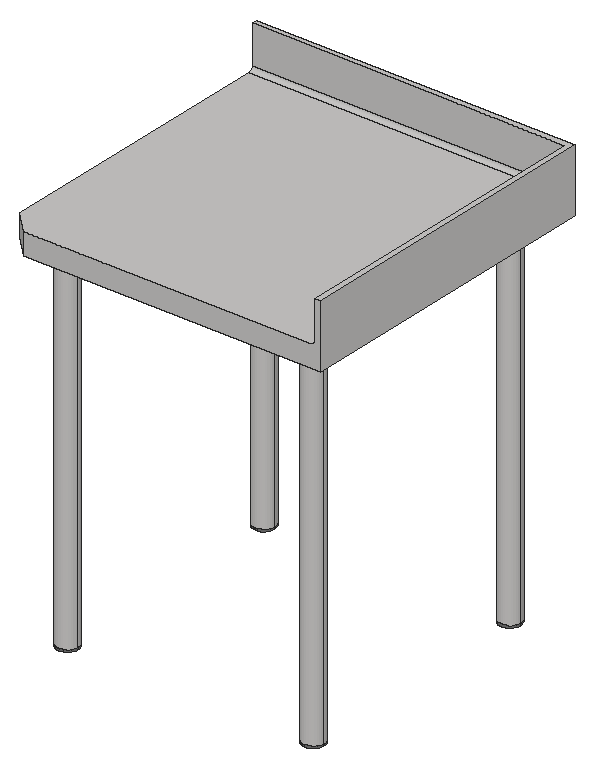
Revit family "QF_ZANUSSI_133060_TGAEN", category Attrezzature speciali, Revit 2020
Family settings
  Quota connettore circolare = Usa diametro
  Tipo di parte = Normale
  Basato su piano di lavoro = No
  Sempre verticale = Sì
  Taglio con vuoti quando caricato = No
  Condiviso = No
  Punto di calcolo locali = No
Parameters (values of type "Standard")
  Weight = 35.00 kg
  Watts = 0 W
  Volts = 0 V
  URL Manufacturer = "http://www.zanussiprofessional.com"
  URL = "http://www.zanussiprofessional.com"
  Steam Supply Size = 0 mm
  Steam Supply Minimum Pressure = 0.0 Pa
  Steam Supply Maximum Pressure = 0.0 Pa
  Steam Consumption per Hour = 0
  Refrigeration Suction Line Size = 0.0 mm
  Refrigeration Liquid Line Size = 0.0 mm
  Refrigerant Compressor Remote = yes
  Prospetto di default = 0.0 mm
  Phase = 0
  Modello = "TGAEN"
  Produttore = "Zanussi"
  Length Actual = 750.0 mm  # constant formula
  Item Number = "133060"
  Hot Water Size = 0 mm
  Height Actual = 900.0 mm  # constant formula
  HP = "0 HP"
  Gas Size = 0 mm
  Gas KW = 0
  Gas Input Pressure = 0 W
  Direct Waste Size = 0 mm
  Descrizione = "CORNER TYPE WORK TABLE 750X750 MM"
  Depth Actual = 750.0 mm  # constant formula
  Cycle = 0 Hz
  Condensate Return Size = 0 mm
  Compressed Air Volume = 0.0 L/s
  Compressed Air Size = 0 mm
  Compressed Air Pressure = 0.0 Pa
  Cold Water Size = 0 mm
  Accessory = yes
Reference planes
  plane 1 "Center (Front/Back)": y = 0
  plane 2: z = 0
  plane 3 "Center (Left/Right)": x = 0
  plane 4 "LEFT": x = -375
  plane 5 "RIGHT": x = 375
  plane 6 "BACK": y = 375
  plane 7 "FRONT": y = -375
  plane 8 "Base": z = 850
  plane 9 "TOP": z = 900
  plane 10: x = -290
  plane 11: x = 290
  plane 12: y = 290
  plane 13: y = -290
  plane 14: z = 1000
Forms (mm)
  Extrusion 1, solid, material "QF_Finishes_Stainless Steel"
    sketch origin (0, 0, 0) x (0, 1, 0) y (0, 0, 1)
      loop
        line (375, 900) -> (375, 1000) -> (362, 1000) -> (362, 910)
        arc (362, 910) -> (359.071, 902.929) -> (352, 900) r 10
        line (352, 900) -> (375, 900)
    from 375 to -375
  Extrusion 2, solid, material "QF_Finishes_Stainless Steel"
    sketch origin (0, 0, -100) x (1, 0, 0) y (0, 0, 1)
      loop
        line (375, 1000) -> (375, 1100) -> (362, 1100) -> (362, 1010)
        arc (362, 1010) -> (359.071, 1002.929) -> (352, 1000) r 10
        line (352, 1000) -> (375, 1000)
    from 375 to -375
  Extrusion 3, solid, material "QF_Finishes_Stainless Steel"
    sketch origin (0, 0, 850) x (0, 1, 0) y (-1, 0, 0)
      loop
        line (-375, 324.5) -> (-375, -375) -> (375, -375) -> (375, 375) -> (-324.5, 375) -> (-375, 324.5)
    from 0 to 50
Cuts and joins
  joined: Extrusion 1, Extrusion 2, Extrusion 3
Lines and regions (mm)
  symbolic lines
    curve 1: line (375, 375, 900) -> (-375, 375, 900)
    curve 2: line (-375, 375, 900) -> (-375, -324.5, 900)
    curve 3: line (-324.5, -375, 900) -> (375, -375, 900)
    curve 4: line (375, -375, 900) -> (375, 375, 900)
    curve 5: line (362, 362, 900) -> (-375, 362, 900)
    curve 6: line (362, 362, 900) -> (362, -375, 900)
    curve 7: line (-375, -324.5, 900) -> (-324.5, -375, 900)
Dimensions and locks
  plane 4 "LEFT" to plane 5 "RIGHT" = 750.0 mm
  equal spacing: plane 4 "LEFT", plane 3 "Center (Left/Right)", plane 5 "RIGHT"
  equal spacing: plane 6 "BACK", plane 1 "Center (Front/Back)", plane 7 "FRONT"
  plane 6 "BACK" to plane 7 "FRONT" = 750.0 mm
  plane 6 "BACK" to plane 12 = 85.0 mm
  plane 13 to plane 7 "FRONT" = 85.0 mm
  plane 4 "LEFT" to plane 10 = 85.0 mm
  plane 11 to plane 5 "RIGHT" = 85.0 mm
  plane 10 to plane 11 = 580.0 mm
  plane 12 to plane 13 = 580.0 mm
  plane 6 "BACK" to plane 12 to plane 13 to plane 7 "FRONT" = 85.0 mm, 580.0 mm, 85.0 mm
  plane 5 "RIGHT" to plane 11 to plane 10 to plane 4 "LEFT" = 85.0 mm, 580.0 mm, 85.0 mm
  locked: plane 9 "TOP" to level at 900
  locked: plane 8 "Base" to level at 850
  plane 14 to plane 9 "TOP" = 100.0 mm
  plane 9 "TOP" to plane 8 "Base" = 50.0 mm
  aligned and locked: level to plane 2
  aligned and locked: plane 10 to nested 1
  aligned and locked: nested 1 to plane 13
  aligned and locked: plane 11 to nested 2
  aligned and locked: nested 2 to plane 13
  aligned and locked: plane 11 to nested 4
  aligned and locked: nested 4 to plane 12
  aligned and locked: plane 10 to nested 3
  aligned and locked: nested 3 to plane 12
  aligned and locked: Extrusion 1 to plane 4 "LEFT"
  aligned and locked: plane 5 "RIGHT" to Extrusion 1
  aligned and locked: plane 6 "BACK" to Extrusion 2
  aligned and locked: Extrusion 2 to plane 7 "FRONT"
  aligned and locked: Extrusion 3 sketch curve to plane 4 "LEFT"
  aligned and locked: plane 6 "BACK" to Extrusion 3 sketch curve
  aligned and locked: plane 5 "RIGHT" to Extrusion 3 sketch curve
  aligned and locked: plane 9 "TOP" to cut or joined group of Extrusion 1, Extrusion 2, Extrusion 3
  aligned and locked: cut or joined group of Extrusion 1, Extrusion 2, Extrusion 3 to plane 4 "LEFT"
  aligned and locked: plane 5 "RIGHT" to cut or joined group of Extrusion 1, Extrusion 2, Extrusion 3
  aligned and locked: plane 6 "BACK" to cut or joined group of Extrusion 1, Extrusion 2, Extrusion 3
  aligned and locked: cut or joined group of Extrusion 1, Extrusion 2, Extrusion 3 to plane 7 "FRONT"
Automatic sketch dimensions
  Extrusion 1 sketch curve to plane 9 "TOP" = 0.0 mm
  Extrusion 1 sketch curve to plane 6 "BACK" = 0.0 mm
  Extrusion 1 sketch curve to plane 6 "BACK" = 13.0 mm
  Extrusion 1 sketch curve to Extrusion 1 sketch curve = 10.0 mm
  Extrusion 1 sketch curve to Extrusion 1 sketch curve = 90.0 mm
  Extrusion 2 sketch curve to plane 5 "RIGHT" = 0.0 mm
  Extrusion 2 sketch curve to plane 5 "RIGHT" = 13.0 mm
  Extrusion 2 sketch curve to Extrusion 2 sketch curve = 10.0 mm
  plane 9 "TOP" to Extrusion 2 sketch curve = 0.0 mm
  Extrusion 2 sketch curve to Extrusion 2 sketch curve = 90.0 mm
  Extrusion 3 sketch curve to plane 7 "FRONT" = 0.0 mm
  Extrusion 3 sketch curve to plane 13 = 34.5 mm
  Extrusion 3 sketch curve to plane 10 = 34.5 mm
  curve 4 to plane 5 "RIGHT" = 0.0 mm
  curve 4 to plane 7 "FRONT" = 0.0 mm
  curve 2 to plane 4 "LEFT" = 0.0 mm
  curve 4 to plane 6 "BACK" = 0.0 mm
  curve 5 to plane 6 "BACK" = 13.0 mm
  curve 6 to plane 5 "RIGHT" = 13.0 mm
  curve 2 to plane 13 = 34.5 mm
  curve 3 to plane 10 = 34.5 mm
Nested families
  nested 1: "FEET_D50PREM" at (-290, -290, 0), type "FEET_D50PREM"
  nested 2: "FEET_D50PREM" at (290, -290, 0), type "FEET_D50PREM"
  nested 3: "FEET_D50PREM" at (-290, 290, 0), type "FEET_D50PREM"
  nested 4: "FEET_D50PREM" at (290, 290, 0), type "FEET_D50PREM"
Definition of nested family "FEET_D50PREM"
  Parameters
    Default Elevation = 0.0 mm
    FEET = 850.0 mm
  Reference planes
    plane 1 "Center (Front/Back)": y = 0
    plane 2: z = 0
    plane 3 "Center (Left/Right)": x = 0
    plane 4: z = 850
  Forms (mm)
    Extrusion 1, solid
      sketch origin (0, 0, 0) x (1, 0, 0) y (0, 1, 0)
        loop
          circle (0, 0.002) r 25
      from 5 to 845
    Extrusion 2, solid
      sketch origin (0, 0, 0) x (1, 0, 0) y (0, 1, 0)
        loop
          circle (0, 0) r 25
      from 0 to 5
    Extrusion 3, solid
      sketch origin (0, 0, 0) x (1, 0, 0) y (0, 1, 0)
        loop
          line (30, 30) -> (-30, 30) -> (-30, -30) -> (30, -30) -> (30, 30)
      from 845 to 850
  Lines and regions (mm)
    symbolic lines
      curve 1: line (0, -1.503, 0) -> (0, 1.508, 0)
      curve 2: line (1.561, 0, 0) -> (-1.439, 0, 0)
  Dimensions and locks
    "FEET": plane 4 to plane 2
    aligned and locked: level to plane 2
  Automatic sketch dimensions
    plane 1 "Center (Front/Back)" to curve 2 = 0.0 mm
    curve 1 to plane 3 "Center (Left/Right)" = 0.0 mm
    curve 2 to plane 3 "Center (Left/Right)" = 1.439 mm
    plane 3 "Center (Left/Right)" to curve 2 = 1.561 mm
    plane 1 "Center (Front/Back)" to curve 1 = 1.503 mm
    curve 1 to plane 1 "Center (Front/Back)" = 1.508 mm
    plane 1 "Center (Front/Back)" to Extrusion 2 sketch curve = 0.0 mm
    Extrusion 2 sketch curve to plane 3 "Center (Left/Right)" = 0.0 mm
    Extrusion 3 sketch curve to plane 3 "Center (Left/Right)" = 30.0 mm
    plane 3 "Center (Left/Right)" to Extrusion 3 sketch curve = 30.0 mm
    plane 1 "Center (Front/Back)" to Extrusion 3 sketch curve = 30.0 mm
    Extrusion 3 sketch curve to plane 1 "Center (Front/Back)" = 30.0 mm
    Extrusion 1 sketch curve to plane 3 "Center (Left/Right)" = 0.0 mm
    Extrusion 1 sketch curve to plane 1 "Center (Front/Back)" = 0.002 mm
    radius of Extrusion 2 sketch curve = 25.0 mm
    radius of Extrusion 1 sketch curve = 25.0 mm
